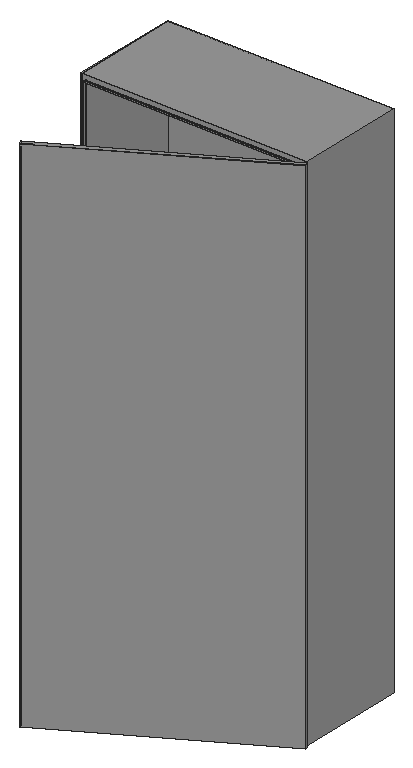
Revit family "Hager-Univers-IP41-D400-H1850-Cl.I-Steel_encl-NoHosted-PL-en", category Equipement électrique, Revit 2020
Family settings
  Configuration du panneau = Deux colonnes, circuits au sein
  Cote de connecteur circulaire = Utiliser le diamètre
  Type d'élément = Tableau de raccordement
  Basée sur le plan de construction = Oui
  Toujours verticalement = Oui
  Couper avec des vides une fois chargée = Non
  Partagée = Non
  Point de calcul de pièce = Non
Parameters (values of type "Surface mounted (plaster) IP41 W800 H1850 D400  - FS23G")
  Width Control [instance] = if([EF000008 - Width] > Min Width, [EF000008 - Width], Min Width)  # 800 mm
  Commentaires du type = [HG000003 - Range]  # "Univers"
  Thickness Door [instance] = if([EF009171 - Material plate thickness door/cover] > 3 mm, 3 mm, [EF009171 - Material plate thickness door/cover])  # 1.5 mm
  Seal Frame Offset [instance] = 17 mm  # constant formula
  Plinth Visibility [instance] = [HG000027 - Plinth height] > 0 mm  # no
  Min Width [instance] = 100 mm  # constant formula
  Min Depth [instance] = (2 * [EF009170 - Material plate thickness cabinet]) + 1 mm  # 4 mm
  Min Height [instance] = 100 mm  # constant formula
  Internal Frame Depth [instance] = (Door System Depth * 0.5)  # 9 mm
  Panel Name [instance] = ""  # (empty or 0)
  Model = ""
  HG000027 - Plinth height = 0 mm
  HG000026 - Floor standing = no
  HG000024 - Bottom section height = 600 mm
  HG000023 - Double section enclosure = no
  HG000016 - Door 3d visibility [instance] = yes
  HG000015 - Clearance visibility [instance] = no
  HG000014 - Door on the right [instance] = yes
  HG000013 - Door on the left [instance] = not([HG000014 - Door on the right])  # no
  HG000012 - Door swing angle [instance] = 30.00°
  HG000010 - Asymmetric doors = no
  HG000009 - Double swing door = no
  HG000006 - Flush mounted = no
  HG000004 - Manufacturer reference = "FS23G"
  HG000003 - Range = "Univers"
  HG000002 - With door or cover = yes
  Frame Offset Bottom [instance] = 10 mm  # constant formula
  Frame Offset [instance] = 15 mm  # constant formula
  EF015940 - Cover with overpressure release = no
  EF011959 - Degree of protection (NEMA) = ""
  EF009554 - Number of openings for flange plates = 6
  EF009212 - Cover model = "EV000116 - Closed"
  EF009171 - Material plate thickness door/cover = 1.5 mm
  EF009170 - Material plate thickness cabinet = 1.5 mm
  EF008873 - Nominal current (In) = 800 A
  EF007800 - Suitable for lightning protection = no
  EF006306 - With lock = no
  EF006244 - Transparent cover/door = no
  EF005474 - Degree of protection (IP) = "EV006416 - IP41"
  EF004464 - Type of door = "EV002646 - Single"
  EF004427 - Number of modules = 432
  EF004293 - Impact strength = "EV006813 - IK07"
  EF003532 - Suitable for outdoor use = no
  EF002950 - Width in number of modular spacings = 24
  EF001613 - Circuit integrity = "EV000494 - None"
  EF001596 - Material housing = "EV000179 - Steel"
  EF001131 - Internal depth = 400 mm
  EF001088 - Extension possible = yes
  EF000437 - Number of conduit inlets = 6
  EF000339 - Type of cover = "EV004216 - Door"
  EF000266 - Number of rows = 12
  EF000218 - Built-in depth = 0 mm
  EF000118 - With mounting plate = no
  EF000116 - RAL-number = "7035"
  EF000049 - Depth = 400 mm
  EF000040 - Height = 1850 mm
  EF000008 - Width = 800 mm
  EF000007 - Colour = "EV000270 - Grey"
  EF000003 - Mounting method = "EV000384 - Surface mounted (plaster)"
  Door System Leaf Tolerance [instance] = 1.5 mm  # constant formula
  Door System Depth [instance] = 18 mm  # constant formula
  Door Height [instance] = Height Control - [HG000027 - Plinth height]  # 1850 mm
  Description = ""
  Default Elevation = 1219.2 mm
  Connector Offset [instance] = Height Control / 2  # 925 mm
  Fabricant = "Hager"  # constant formula
  Height Control [instance] = if([EF000040 - Height] > Min Height, [EF000040 - Height], Min Height)  # 1850 mm
  Depth Control [instance] = if([EF000049 - Depth] > Min Depth, [EF000049 - Depth], Min Depth)  # 400 mm
  Bottom Top Plate Trim [instance] = 1.5 mm  # constant formula
  Plinth height Ctrl [instance] = if([HG000027 - Plinth height] > 0 mm, [HG000027 - Plinth height], 12 mm)  # 12 mm
Types (5, lengths in mm): name | Width Control | HG000009 - Double swing door | HG000004 - Manufacturer reference | EF009554 - Number of openings for flange plates | EF004464 - Type of door | EF004427 - Number of modules | EF000437 - Number of conduit inlets | EF000008 - Width
  Surface mounted (plaster) IP41 W1050 H1850 D400  - FS24G | 1050 | yes | "FS24G" | 8 | "EV003602 - Double" | 576 | 8 | 1050
  Surface mounted (plaster) IP41 W1300 H1850 D400  - FS25G | 1300 | yes | "FS25G" | 10 | "EV003602 - Double" | 720 | 10 | 1300
  Surface mounted (plaster) IP41 W300 H1850 D400  - FS21G | 300 | no | "FS21G" | 2 | "EV002646 - Single" | 144 | 2 | 300
  Surface mounted (plaster) IP41 W550 H1850 D400  - FS22G | 550 | no | "FS22G" | 4 | "EV002646 - Single" | 288 | 4 | 550
  Surface mounted (plaster) IP41 W800 H1850 D400  - FS23G | 800 | no | "FS23G" | 6 | "EV002646 - Single" | 432 | 6 | 800
Reference planes
  plane 1 "Center (Front/Back)": y = 0
  plane 2: z = 0
  plane 3 "Center (Left/Right)": x = 0
  plane 4: y = 0
  plane 5: y = 0
  plane 6: z = 0
  plane 7: x = -400
  plane 8: x = 400
  plane 9: x = 398.5
  plane 10: x = -398.5
  plane 11: z = 0
  plane 12: z = 1.5
  plane 13: y = -400
  plane 14: y = -1.5
  plane 15: x = 0
  plane 16: y = -382
  plane 17: y = -398.5
  plane 18: y = -380.5
  plane 19: x = -383.5
  plane 20: x = 383.5
  plane 21: z = 11.5
  plane 22: x = -383
  plane 23: x = 383
  plane 24: z = 0
  plane 25: z = 1850
  plane 26: z = 1850
  plane 27: z = 1833.5
  plane 28: z = 1848.5
Forms (mm)
  Extrusion 1, solid, material "Hager_Steel_RAL7035_Light_Grey", detail levels medium+fine
    sketch origin (-208.679, -4572, 0) x (-1, 0, 0) y (0, -1, 0)
      loop
        line (191.321, -4190) -> (-608.679, -4190) -> (-608.679, -4572) -> (191.321, -4572) -> (191.321, -4190)
    from 0 to 1850
  Extrusion 2, void
    sketch origin (-350.771, -400, 1219.2) x (1, 0, 0) y (0, 0, 1)
      loop
        line (-47.729, 629.3) -> (-47.729, -1217.7) -> (749.271, -1217.7) -> (749.271, 629.3) -> (-47.729, 629.3)
    from -19.5 to -398.5
  Extrusion 3, void
    sketch origin (-290.084, -382, 1219.2) x (1, 0, 0) y (0, 0, 1)
      loop
        line (-93.416, -1207.7) -> (673.584, -1207.7) -> (673.584, 614.3) -> (-93.416, 614.3) -> (-93.416, -1207.7)
    from 0 to -1.5
  Extrusion 4, solid, material "Hager_Steel_RAL7035_Light_Grey", visible <- "Plinth Visibility", detail levels medium+fine
    sketch origin (0, 0, 0) x (1, 0, 0) y (0, 1, 0)
      loop
        line (-400, 0) -> (-400, -382) -> (400, -382) -> (400, 0) -> (-400, 0)
    from 0 to 12 <- "Plinth height Ctrl"
  Extrusion 5, solid, material "Hager_Steel_RAL7035_Light_Grey", detail levels coarse
    sketch origin (0, 0, 0) x (1, 0, 0) y (0, 1, 0)
      loop
        line (-400, 0) -> (-400, -400) -> (400, -400) -> (400, 0) -> (-400, 0)
    from 0 to 1850 <- "Height Control"
  Sweep 6, void
    path in 3D
      loop
        line (-400, -382, 12) -> (400, -382, 12) -> (400, 0, 12) -> (-400, 0, 12) -> (-400, -382, 12)
    profile origin (-400, -191, 12) x (1, 0, 0) y (0, 0, 1)
      loop
        line (0, 0) -> (0, -1.5) -> (1.5, -1.5)
        arc (1.5, -1.5) -> (1.061, -0.439) -> (0, 0) r 1.5
  Extrusion 7, solid, material "Hager_Steel_RAL7035_Light_Grey", detail levels fine
    sketch origin (-400, -382, 0) x (1, 0, 0) y (0, 0, 1)
      loop
        line (16.5, 11.5) -> (783.5, 11.5) -> (783.5, 1833.5) -> (16.5, 1833.5) -> (16.5, 11.5)
      loop
        line (15, 10) -> (785, 10) -> (785, 1835) -> (15, 1835) -> (15, 10)
    from 0 to 9 <- "Internal Frame Depth"
Cuts and joins
  Extrusion 2, Extrusion 3 cuts Extrusion 1
  Sweep 6 cuts Extrusion 4
Lines and regions (mm)
  Masking region 1
    outline origin (0, 0, 0) x (1, 0, 0) y (0, 1, 0)
      loop
        line (-400, 0) -> (-400, -400) -> (400, -400) -> (400, 0) -> (-400, 0)
  Masking region 2, detail levels coarse
    outline origin (-290.084, -382, 1219.2) x (-1, 0, 0) y (0, 0, 1)
      loop
        line (-690.084, -1219.2) -> (109.916, -1219.2) -> (109.916, 630.8) -> (-690.084, 630.8) -> (-690.084, -1219.2)
  Masking region 3, detail levels coarse
    outline origin (0, 0, 0) x (0, 1, 0) y (0, 0, 1)
      loop
        line (0, 0) -> (0, 1850) -> (-400, 1850) -> (-400, 0) -> (0, 0)
  Masking region 4, visible <- "Plinth Visibility", detail levels medium+fine
    outline origin (0, 0, 0) x (0, 1, 0) y (0, 0, 1)
      loop
        line (-1.5, 12) -> (-380.5, 12)
        arc (-380.5, 12) -> (-380.939, 10.939) -> (-382, 10.5) r 1.5
        line (-382, 10.5) -> (-382, 0) -> (0, 0) -> (0, 10.5)
        arc (0, 10.5) -> (-1.061, 10.939) -> (-1.5, 12) r 1.5
  Masking region 5, detail levels medium+fine
    outline origin (0, 0, 594.038) x (0, 1, 0) y (0, 0, 1)
      loop
        line (0, -594.038) -> (0, 1255.962) -> (-382, 1255.962) -> (-382, -594.038) -> (0, -594.038)
  Masking region 6, detail levels medium+fine
    outline origin (-359.7, -382, 1211.883) x (-1, 0, 0) y (0, 0, 1)
      loop
        line (-759.7, -1211.883) -> (40.3, -1211.883) -> (40.3, 638.117) -> (-759.7, 638.117) -> (-759.7, -1211.883)
  Masking region 7, visible <- "Plinth Visibility", detail levels medium+fine
    outline origin (-320.334, -382, 1041.368) x (-1, 0, 0) y (0, 0, 1)
      loop
        line (-720.334, -1041.368) -> (79.666, -1041.368) -> (79.666, -1030.868)
        arc (79.666, -1030.868) -> (78.606, -1030.429) -> (78.166, -1029.368) r 1.5
        line (78.166, -1029.368) -> (-718.834, -1029.368)
        arc (-718.834, -1029.368) -> (-719.273, -1030.429) -> (-720.334, -1030.868) r 1.5
        line (-720.334, -1030.868) -> (-720.334, -1041.368)
  sketch lines
    curve 1: line (-400, 0, 12) -> (-400, -382, 12)
    curve 2: line (-400, -382, 12) -> (400, -382, 12)
    curve 3: line (400, 0, 12) -> (-400, 0, 12)
    curve 4: line (400, -382, 12) -> (400, 0, 12)
Dimensions and locks
  locked: plane 1 "Center (Front/Back)" to plane 5
  "EF009170 - Material plate thickness cabinet": plane 7 to plane 10
  "EF009170 - Material plate thickness cabinet": plane 8 to plane 9
  equal spacing: plane 7, plane 3 "Center (Left/Right)", plane 8
  "Width Control": plane 7 to plane 8
  "Depth Control": plane 4 to plane 13
  "EF009170 - Material plate thickness cabinet": plane 4 to plane 14
  "Height Control": plane 25 to level
  "HG000027 - Plinth height": plane 11 to level
  "EF009170 - Material plate thickness cabinet": plane 12 to plane 11
  "EF009170 - Material plate thickness cabinet": plane 17 to plane 13
  "EF009170 - Material plate thickness cabinet": plane 18 to plane 16
  "Frame Offset Bottom": plane 21 to plane 12
  "Frame Offset": plane 10 to plane 19
  "Frame Offset": plane 9 to plane 20
  "Door System Depth": plane 16 to plane 13
  "Seal Frame Offset": plane 7 to plane 22
  "Seal Frame Offset": plane 8 to plane 23
  "EF009170 - Material plate thickness cabinet": plane 26 to plane 28
  "Frame Offset": plane 28 to plane 27
  "Connector Offset": plane 2 to connector elem
  "Bottom Top Plate Trim": profile plane to Sweep 6 sketch curve
  "Bottom Top Plate Trim": Sweep 6 sketch curve to Sweep 6 sketch curve
  "Plinth height Ctrl": Masking region 4 sketch curve to level
  "Plinth height Ctrl": Masking region 7 sketch curve to level
  "Thickness Door": Extrusion 7 sketch curve to Extrusion 7 sketch curve  (x4)
  "Bottom Top Plate Trim": radius of Sweep 6 sketch curve
  "Bottom Top Plate Trim": radius of Masking region 4 sketch curve  (x2)
  "Bottom Top Plate Trim": radius of Masking region 7 sketch curve  (x2)
  aligned and locked: Extrusion 2 sketch curve to plane 12
  aligned and locked: Extrusion 2 sketch curve to plane 9
  aligned and locked: Extrusion 2 sketch curve to plane 10
  aligned and locked: Extrusion 2 to plane 14
  aligned and locked: Extrusion 1 sketch curve to plane 4
  aligned and locked: plane 8 to Extrusion 1 sketch curve
  aligned and locked: plane 7 to Extrusion 1 sketch curve
  aligned and locked: Extrusion 2 to plane 18
  aligned and locked: Extrusion 3 sketch curve to plane 19
  aligned and locked: plane 20 to Extrusion 3 sketch curve
  aligned and locked: Extrusion 3 to Extrusion 2
  aligned and locked: Extrusion 3 sketch curve to plane 21
  aligned and locked: plane 3 "Center (Left/Right)" to nested 1
  aligned and locked: Extrusion 1 sketch curve to plane 16
  aligned and locked: Extrusion 4 sketch curve to cut or joined group of Extrusion 1, Extrusion 2, Extrusion 3
  aligned and locked: Masking region 1 sketch curve to plane 7
  aligned and locked: Masking region 1 sketch curve to plane 5
  aligned and locked: Masking region 1 sketch curve to plane 8
  aligned and locked: Masking region 2 sketch curve to level
  aligned and locked: level to Masking region 3 sketch curve
  aligned and locked: plane 1 "Center (Front/Back)" to Masking region 3 sketch curve
  aligned and locked: plane 13 to Masking region 3 sketch curve
  aligned and locked: plane 5 to Masking region 4 sketch curve
  aligned and locked: Masking region 2 sketch curve to plane 8
  aligned and locked: Masking region 2 sketch curve to plane 7
  aligned and locked: plane 7 to nested 2
  aligned and locked: nested 2 to plane 5
  aligned and locked: plane 5 to Masking region 5 sketch curve
  aligned and locked: plane 26 to Masking region 5 sketch curve
  aligned and locked: Extrusion 5 sketch curve to plane 8
  aligned and locked: Extrusion 5 sketch curve to plane 7
  aligned and locked: Extrusion 5 sketch curve to plane 5
  aligned and locked: Extrusion 3 sketch curve to plane 27
  aligned and locked: Extrusion 2 sketch curve to plane 28
  aligned and locked: Masking region 2 to plane 25
  aligned and locked: Extrusion 4 to plane 16
  aligned and locked: profile plane to Sweep 6 sketch curve
  aligned and locked: Masking region 5 sketch curve to plane 24
  aligned and locked: level to Masking region 4 sketch curve
  aligned and locked: Masking region 1 to plane 13
  aligned and locked: nested 1 to plane 16
  aligned and locked: Masking region 3 to plane 25
  aligned and locked: plane 16 to Masking region 4 sketch curve
  aligned and locked: Masking region 5 sketch curve to plane 16
  aligned and locked: plane 24 to plane 11
  aligned and locked: plane 26 to plane 25
  aligned and locked: plane 26 to cut or joined group of Extrusion 1, Extrusion 2, Extrusion 3
  aligned and locked: nested 1 to plane 24
  aligned and locked: Extrusion 1 to Extrusion 3
  aligned and locked: Masking region 6 sketch curve to plane 8
  aligned and locked: Masking region 6 sketch curve to plane 24
  aligned and locked: Masking region 6 sketch curve to plane 7
  aligned and locked: Masking region 6 sketch curve to plane 26
  aligned and locked: Masking region 7 sketch curve to plane 7
  aligned and locked: level to Masking region 7 sketch curve
  aligned and locked: Masking region 7 sketch curve to plane 8
  aligned and locked: Extrusion 7 sketch curve to cut or joined group of Extrusion 1, Extrusion 2, Extrusion 3  (x4)
Automatic sketch dimensions
  plane 19 to Extrusion 3 sketch curve = 0 mm
  Extrusion 3 sketch curve to plane 20 = 0 mm
  Extrusion 3 sketch curve to plane 21 = 0 mm
  Extrusion 4 sketch curve to plane 7 = 0 mm
  Extrusion 4 sketch curve to plane 8 = 0 mm
  Extrusion 4 sketch curve to plane 16 = 0 mm
  Masking region 1 sketch curve to plane 13 = 0 mm
  Masking region 2 sketch curve to plane 25 = 0 mm
  Masking region 3 sketch curve to plane 25 = 0 mm
  Extrusion 5 sketch curve to plane 13 = 0 mm
  profile plane to Sweep 6 sketch curve = 0 mm
Nested families
  nested 1: "EC000058_Univers_Door" at (0, -382, 0), Double <- "HG000009 - Double swing door", Transparent <- "EF006244 - Transparent cover/door", Angle <- "HG000012 - Door swing angle", Door_Right <- "HG000014 - Door on the right", Assymetrical <- "HG000010 - Asymmetric doors", Door <- "HG000002 - With door or cover", Width_Ctrl <- "Width Control", 3d_Door <- "HG000016 - Door 3d visibility", Clearance <- "HG000015 - Clearance visibility", Door_Left <- "HG000013 - Door on the left", Width <- "Width Control", Door_Depth <- "Door System Depth", Leaf_Tolerance <- "Door System Leaf Tolerance", Height <- "Door Height", Lock_Visibility <- "EF006306 - With lock", Thickness <- "Thickness Door", type "EC000058_Univers_Door", detail levels medium+fine
    with min_wh 4 mm, Width_Ctrl 800 mm, Width 800 mm, Transparent no, Thickness 1.5 mm, Seal_Material Hager_Rubber, Lock_Visibility no, Lock_Material Hager_Plastic_RAL9005_Jet_Black, Leaf_Width 800 mm, Leaf_Tolerance_External_Sides 0 mm, Leaf_Tolerance 1.5 mm, Leaf_Offset 0 mm, Leaf_Height 1847 mm, Leaf_2_Width 800 mm, Leaf_2_Offset 400 mm, Leaf_1_Width 800 mm, Leaf_1_Offset 400 mm, Height_Ctrl 1850 mm, Height 1850 mm, Glass_Material Hager_Glass, Double_Clearance_Ctrl no, Double no, Door_Right_Ctrl yes, Door_Right yes, Door_Material Hager_Steel_RAL7035_Light_Grey, Door_Left_Ctrl no, Door_Left no, Door_Depth 18 mm, Door yes, Clearance_Material Hager_Clearance, Clearance_Depth 800 mm, Clearance_Ctrl no, Clearance no, Assymetrical no, Angle 30.00°, 3d_Door yes
  nested 2: "Hager_Enclosure_Symbol" at (-400, 0, 0), Height <- "Depth Control", Width <- "Width Control", type "Hager_Enclosure_Symbol"
    with Width_Ctrl 800 mm, Width 800 mm, Height_Ctrl 400 mm, Height 400 mm, A_Width_Int 26.25 mm, A_Width 315 mm, A_Height_Ctrl 350 mm, A_Height 350 mm
Connectors
  electrical at (0, 0, 925)
    settings: on plane 1 "Center (Front/Back)", index 1, voltage 0 V, apparent load 0 VA, apparent load phase1 0 VA, apparent load phase2 0 VA, apparent load phase3 0 VA, power factor 1, load classification "Other", number of poles 1, system type 30, power factor state 1, is connector primary yes, connector utility no, sub classification motor no, connector description ""
Definition of nested family "EC000058_Univers_Door"
  Parameters (values of type "EC000058_Univers_Door")
    min_wh [instance] = (2 * Thickness) + 1 mm  # 11 mm
    Width_Ctrl [instance] = 400 mm
    Width [instance] = 500 mm
    Transparent [instance] = yes
    Thickness [instance] = 5 mm
    Seal_Material [instance] = none
    Lock_Visibility [instance] = yes
    Lock_Material [instance] = none
    Leaf_Width [instance] = if((Width_Ctrl - 2 * Leaf_Tolerance_External_Sides) > 0 mm, (Width_Ctrl - 2 * Leaf_Tolerance_External_Sides), min_wh)  # 400 mm
    Leaf_Tolerance_External_Sides [instance] = 0 mm  # constant formula
    Leaf_Tolerance [instance] = 1.5 mm
    Leaf_Offset [instance] = 0 mm  # constant formula
    Leaf_Height [instance] = if((Height_Ctrl - 2 * Leaf_Tolerance) > 0 mm, (Height_Ctrl - 2 * Leaf_Tolerance), min_wh)  # 497 mm
    Leaf_2_Width [instance] = if(and(and(Double, Assymetrical), Door_Left), (Leaf_Width / 3) - (Leaf_Tolerance / 2), if(and(and(Double, Assymetrical), Door_Right), (Leaf_Width / 3) * 2 - (Leaf_Tolerance / 2), if(and(Double, not(Assymetrical)), (Leaf_Width / 2) - Leaf_Tolerance, Leaf_Width)))  # 400 mm
    Leaf_2_Offset [instance] = if(and(Double, Assymetrical), Leaf_2_Width / 2, if(and(Double, not(Assymetrical)), Leaf_Width / 4, Leaf_Width / 2))  # 200 mm
    Leaf_1_Width [instance] = if(and(and(Double, Assymetrical), Door_Right), (Leaf_Width / 3) - (Leaf_Tolerance / 2), if(and(and(Double, Assymetrical), Door_Left), (Width / 3) * 2 - (Leaf_Tolerance / 2), if(and(Double, not(Assymetrical)), (Leaf_Width / 2) - Leaf_Tolerance, Leaf_Width)))  # 400 mm
    Leaf_1_Offset [instance] = if(and(Double, Assymetrical), Leaf_1_Width / 2, if(and(Double, not(Assymetrical)), Leaf_Width / 4, Leaf_Width / 2))  # 200 mm
    Height_Ctrl [instance] = if(Height > min_wh, Height, min_wh)  # 500 mm
    Height [instance] = 500 mm
    Glass_Material [instance] = none
    Double_Clearance_Ctrl [instance] = and(Double, Clearance)  # no
    Double [instance] = no
    Door_Right_Ctrl [instance] = and(or(Door_Right, Double), Door)  # yes
    Door_Right [instance] = yes
    Door_Material [instance] = none
    Door_Left_Ctrl [instance] = and(or(Door_Left, Double), Door)  # no
    Door_Left [instance] = no
    Door_Depth [instance] = 30 mm
    Door [instance] = yes
    Default Elevation = 1219.2 mm
    Clearance_Material [instance] = none
    Clearance_Depth [instance] = if(Leaf_1_Width > Leaf_2_Width, Leaf_1_Width, Leaf_2_Width)  # 400 mm
    Clearance_Ctrl [instance] = and(not(Double), Clearance)  # yes
    Clearance [instance] = yes
    Assymetrical [instance] = yes
    Angle [instance] = 30.00°
    3d_Door [instance] = yes
  Reference planes
    plane 1 "Center (Front/Back)": y = 0
    plane 2 "Bottom": z = 0
    plane 3 "Center (Left/Right)": x = 0
    plane 4: z = 500
    plane 5: x = -200
    plane 6: x = 200
    plane 7: z = 500
    plane 8: x = -200
    plane 9: z = 0
    plane 10: x = 200
    plane 11: y = 0
    plane 12: z = 1.5
    plane 13: x = -600
    plane 14: y = -400
    plane 15: x = 600
    plane 16: x = 0
    plane 17: x = 0
    plane 18: x = -200
    plane 19: x = 200
    plane 20: z = 498.5
  Forms (mm)
    Extrusion 1, solid, material <- "Clearance_Material", visible <- "Double_Clearance_Ctrl"
      sketch origin (1200, 0, 0) x (1, 0, 0) y (0, 0, -1)
        loop
          line (-1800, -498.5) -> (-600, -498.5) -> (-600, 0) -> (-1800, 0) -> (-1800, -498.5)
      from 0 to -400
  Dimensions and locks
    equal spacing: plane 5, plane 3 "Center (Left/Right)", plane 6
    "Width_Ctrl": plane 5 to plane 6
    "Leaf_Offset": plane 5 to plane 8
    "Leaf_Offset": plane 6 to plane 10
    "Leaf_Offset": plane 9 to level
    "Leaf_Offset": plane 4 to plane 7
    "Height_Ctrl": plane 4 to level
    "Leaf_Tolerance": plane 12 to plane 9
    locked: plane 11 to plane 1 "Center (Front/Back)"
    "Leaf_1_Offset": plane 18 to plane 16
    "Leaf_2_Offset": plane 17 to plane 19
    "Leaf_1_Width": plane 13 to plane 8
    "Leaf_2_Width": plane 10 to plane 15
    "Clearance_Depth": plane 14 to plane 1 "Center (Front/Back)"
    "Leaf_Tolerance_External_Sides": plane 8 to plane 18
    "Leaf_Tolerance_External_Sides": plane 19 to plane 10
    "Leaf_Tolerance": plane 7 to plane 20
    aligned and locked: level to plane 2 "Bottom"
    aligned and locked: nested 1 to plane 16
    aligned and locked: nested 2 to plane 17
    aligned and locked: Extrusion 1 to plane 13
    aligned and locked: plane 15 to Extrusion 1
    aligned and locked: Extrusion 1 to plane 14
    aligned and locked: plane 12 to nested 1
    aligned and locked: nested 2 to plane 12
    aligned and locked: Extrusion 1 to plane 11
    aligned and locked: plane 20 to Extrusion 1
    aligned and locked: nested 2 to plane 11
    aligned and locked: nested 1 to plane 11
  Automatic sketch dimensions
    Extrusion 1 sketch curve to level = 0 mm
    plane 5 to Extrusion 1 sketch curve = 400 mm
    plane 6 to Extrusion 1 sketch curve = 400 mm
    Extrusion 1 sketch curve to plane 4 = 1.5 mm
  Nested families
    nested 1: "EC000058_Univers_Door_Leaf" at (0, 0, 1.5), Width <- "Leaf_1_Width", visible <- "Door_Left_Ctrl", Leaf_Height <- "Leaf_Height", Angle <- "Angle", 3d_Door <- "3d_Door", Transparent <- "Transparent", Clearance Material <- "Clearance_Material", Clearance <- "Clearance_Ctrl", Door_Material <- "Door_Material", Glass_Material <- "Glass_Material", Door_Depth <- "Door_Depth", Lock_Material <- "Lock_Material", Seal_Material <- "Seal_Material", Lock_Visibility <- "Lock_Visibility", Thickness <- "Thickness", type "EC000058_Univers_Door_Leaf"
      with Width 400 mm, Transparent_Glass_Offset 30 mm, Transparent_Ctrl yes, Transparent yes, Thickness 5 mm, Standard no, Seal_Material none, Seal_D2 8 mm, Seal_D1 1 mm, Offset_Internal_Frame 10 mm, Lock_Width 20 mm, Lock_Visibility_3d yes, Lock_Visibility yes, Lock_Thickness_3 3 mm, Lock_Thickness_2 1 mm, Lock_Thickness_1 3 mm, Lock_Radius_Offset_2 16 mm, Lock_Radius_Offset_1 15 mm, Lock_Radius_2 5 mm, Lock_Radius 6 mm, Lock_Offset 5 mm, Lock_Material none, Lock_Height 80 mm, Lock_Cover_Top_Offset_2d 17 mm, Lock_Cover_Height -65 mm, Leaf_Height 497 mm, Internal_Seal_Thickness 8 mm, Internal_Seal_Depth_2 4.5 mm, Internal_Frame_Depth 25 mm, Glass_Thickness -1 mm, Glass_Offset -2 mm, Glass_Material none, Door_Material none, Door_Depth 30 mm, Clearance Material none, Clearance yes, Angle_Ctrl 30.00°, Angle 30.00°, 3d_Door yes
    nested 2: "EC000058_Univers_Door_Leaf" at (0, 0, 1.5) x (-1, 0, 0) z (0, 0, 1), Width <- "Leaf_2_Width", visible <- "Door_Right_Ctrl", Leaf_Height <- "Leaf_Height", Angle <- "Angle", 3d_Door <- "3d_Door", Transparent <- "Transparent", Clearance Material <- "Clearance_Material", Clearance <- "Clearance_Ctrl", Door_Material <- "Door_Material", Glass_Material <- "Glass_Material", Door_Depth <- "Door_Depth", Lock_Material <- "Lock_Material", Seal_Material <- "Seal_Material", Lock_Visibility <- "Lock_Visibility", Thickness <- "Thickness", type "EC000058_Univers_Door_Leaf"
      with Width 400 mm, Transparent_Glass_Offset 30 mm, Transparent_Ctrl yes, Transparent yes, Thickness 5 mm, Standard no, Seal_Material none, Seal_D2 8 mm, Seal_D1 1 mm, Offset_Internal_Frame 10 mm, Lock_Width 20 mm, Lock_Visibility_3d yes, Lock_Visibility yes, Lock_Thickness_3 3 mm, Lock_Thickness_2 1 mm, Lock_Thickness_1 3 mm, Lock_Radius_Offset_2 16 mm, Lock_Radius_Offset_1 15 mm, Lock_Radius_2 5 mm, Lock_Radius 6 mm, Lock_Offset 5 mm, Lock_Material none, Lock_Height 80 mm, Lock_Cover_Top_Offset_2d 17 mm, Lock_Cover_Height -65 mm, Leaf_Height 497 mm, Internal_Seal_Thickness 8 mm, Internal_Seal_Depth_2 4.5 mm, Internal_Frame_Depth 25 mm, Glass_Thickness -1 mm, Glass_Offset -2 mm, Glass_Material none, Door_Material none, Door_Depth 30 mm, Clearance Material none, Clearance yes, Angle_Ctrl 30.00°, Angle 30.00°, 3d_Door yes
  Definition of nested family "EC000058_Univers_Door_Leaf"
    Parameters (values of type "EC000058_Univers_Door_Leaf")
      Width [instance] = 2000 mm
      Transparent_Glass_Offset [instance] = 30 mm
      Transparent_Ctrl [instance] = and(Transparent, [3d_Door])  # yes
      Transparent [instance] = yes
      Thickness [instance] = 5 mm
      Standard [instance] = and(not(Transparent), [3d_Door])  # no
      Seal_Material [instance] = none
      Seal_D2 [instance] = 8 mm  # constant formula
      Seal_D1 [instance] = 1 mm  # constant formula
      Offset_Internal_Frame [instance] = 10 mm  # constant formula
      Lock_Width [instance] = 20 mm  # constant formula
      Lock_Visibility_3d [instance] = and(Lock_Visibility, [3d_Door])  # yes
      Lock_Visibility [instance] = yes
      Lock_Thickness_3 [instance] = 3 mm  # constant formula
      Lock_Thickness_2 [instance] = 1 mm  # constant formula
      Lock_Thickness_1 [instance] = 3 mm  # constant formula
      Lock_Radius_Offset_2 [instance] = Lock_Radius_Offset_1 + 1 mm  # 16 mm
      Lock_Radius_Offset_1 [instance] = 15 mm  # constant formula
      Lock_Radius_2 [instance] = Lock_Radius - 1 mm  # 5 mm
      Lock_Radius [instance] = 6 mm  # constant formula
      Lock_Offset [instance] = 5 mm  # constant formula
      Lock_Material [instance] = none
      Lock_Height [instance] = 80 mm  # constant formula
      Lock_Cover_Top_Offset_2d [instance] = Lock_Radius_Offset_2 + 1 mm  # 17 mm
      Lock_Cover_Height [instance] = -(Lock_Height - Lock_Radius_Offset_1)  # -65 mm
      Leaf_Height [instance] = 2720.336 mm
      Internal_Seal_Thickness [instance] = 8 mm  # constant formula
      Internal_Seal_Depth_2 [instance] = 4.5 mm  # constant formula
      Internal_Frame_Depth [instance] = if(Door_Depth - Thickness > 5 mm, Door_Depth - Thickness, 5 mm)  # 25 mm
      Glass_Thickness [instance] = if(Thickness > 15 mm, Glass_Offset + 10 mm, -1 mm)  # -1 mm
      Glass_Offset [instance] = if(Thickness > 15 mm, -(Thickness + 10 mm) / 2, -2 mm)  # -2 mm
      Glass_Material [instance] = none
      Door_Material [instance] = none
      Door_Depth [instance] = 30 mm
      Default Elevation = 0 mm
      Clearance Material [instance] = none
      Clearance [instance] = yes
      Angle_Ctrl [instance] = if(Angle > 180.00°, 180.00°, Angle)  # 90.00°
      Angle [instance] = 90.00°
      3d_Door [instance] = yes
    Reference planes
      plane 1 "Center (Front/Back)": y = 0
      plane 2: z = 0
      plane 3 "Center (Left/Right)": x = 0
      plane 4: y = 2000
      plane 5: x = -1000
      plane 6: x = 1000
      plane 7: x = -3000
      plane 8: z = 2720.336
      plane 9: z = 30
      plane 10: z = 2690.336
      plane 11: x = 970
      plane 12: x = -970
      plane 13: y = -3
      plane 14: z = 107.833
      plane 15: y = -5
      plane 16: y = -223.314
      plane 17: x = -1000
      plane 18: z = 1360.168
      plane 19: y = 30
    Forms (mm)
      Extrusion 1, solid, material <- "Clearance Material", visible <- "Clearance"
        sketch origin (0, 0, 0) x (1, 0, 0) y (0, 0, 1)
          loop
            line (-3000, 2720.336) -> (-3000, 0) -> (1000, 0) -> (1000, 2720.336) -> (-3000, 2720.336)
        from 0 to -2000
      Extrusion 2, solid, material <- "Door_Material", visible <- "Standard", detail levels medium+fine
        sketch origin (-1000, 0, 0) x (0, 1, 0) y (-1, 0, 0)
          loop
            line (0, 30) -> (0, 25) -> (2000, 25) -> (2000, 30) -> (0, 30)
        from 0 to 2720.336 <- "Leaf_Height"
      Extrusion 3, solid, material <- "Door_Material", visible <- "Transparent_Ctrl", detail levels medium+fine
        sketch origin (-1000, 0, 0) x (0, 1, 0) y (-1, 0, 0)
          loop
            line (0, 25) -> (2000, 25) -> (2000, 30) -> (0, 30) -> (0, 25)
        from 0 to 2720.336 <- "Leaf_Height"
      Extrusion 4, void
        sketch origin (-1025, 2000, 0) x (0, 1, 0) y (0, 0, -1)
          loop
            line (-30, -2690.336) -> (-30, -30) -> (-1970, -30) -> (-1970, -2690.336) -> (-30, -2690.336)
        from 0 to 5 <- "Thickness"
      Sweep 5, solid, material <- "Seal_Material", visible <- "Transparent_Ctrl", detail levels fine
        path in 3D
          loop
            line (-1025, 30, 30) -> (-1025, 30, 2690.336) -> (-1025, 1970, 2690.336) -> (-1025, 1970, 30) -> (-1025, 30, 30)
        profile origin (-1025, 1000, 30) x (1, 0, 0) y (0, 0, 1)
          loop
            line (0, 0) -> (0, -8) -> (1, -8) -> (1, 0) -> (0, 0)
      Extrusion 6, solid, material <- "Glass_Material", visible <- "Transparent_Ctrl", detail levels medium+fine
        sketch origin (-1030, 0, 0) x (0, 1, 0) y (0, 0, -1)
          loop
            line (1970, -2690.336) -> (1970, -30) -> (30, -30) -> (30, -2690.336) -> (1970, -2690.336)
        from -2 <- "Glass_Offset" to -1 <- "Glass_Thickness"
      Extrusion 7, solid, material <- "Door_Material", visible <- "3d_Door", detail levels medium+fine
        sketch origin (-1025, 2000, 0) x (0, -1, 0) y (0, 0, -1)
          loop
            line (0, -2720.336) -> (2000, -2720.336) -> (2000, 0) -> (0, 0) -> (0, -2720.336)
          loop
            line (1995, -5) -> (5, -5) -> (5, -2715.336) -> (1995, -2715.336) -> (1995, -5)
        from 0 to 25 <- "Internal_Frame_Depth"
      Sweep 8, solid, material <- "Seal_Material", visible <- "Transparent_Ctrl", detail levels fine
        path in 3D
          loop
            line (-1025, 0, 0) -> (-1025, 2000, 0) -> (-1025, 2000, 2720.336) -> (-1025, 0, 2720.336) -> (-1025, 0, 0)
        profile origin (-1025, 0, 1360.168) x (1, 0, 0) y (0, 1, 0)
          loop
            line (0, 10) -> (2.975, 10)
            arc (2.975, 10) -> (4.053, 10.447) -> (4.5, 11.525) r 1.525
            line (4.5, 11.525) -> (4.5, 16.527)
            arc (4.5, 16.527) -> (4.069, 17.569) -> (3.027, 18) r 1.473
            line (3.027, 18) -> (0, 18) -> (0, 10)
      Extrusion 9, solid, material <- "Lock_Material", visible <- "Lock_Visibility_3d", detail levels fine
        sketch origin (-1030, 0, 0) x (0, 1, 0) y (0, 0, -1)
          loop
            arc (1993.5, -1400.168) -> (1994.561, -1399.729) -> (1995, -1398.668) r 1.5
            line (1995, -1398.668) -> (1995, -1320.168) -> (1975, -1320.168) -> (1975, -1398.668)
            arc (1975, -1398.668) -> (1975.439, -1399.729) -> (1976.5, -1400.168) r 1.5
            line (1976.5, -1400.168) -> (1993.5, -1400.168)
        from 3 <- "Lock_Thickness_1" to 0
      Blend 10, solid, material <- "Lock_Material", visible <- "Lock_Visibility_3d", detail levels fine
        base sketch origin (-1033, 0, 0) x (0, 1, 0) y (0, 0, -1)
          loop
            line (1975, -1320.168) -> (1975, -1398.668)
            arc (1975, -1398.668) -> (1975.439, -1399.729) -> (1976.5, -1400.168) r 1.5
            line (1976.5, -1400.168) -> (1993.5, -1400.168)
            arc (1993.5, -1400.168) -> (1994.561, -1399.729) -> (1995, -1398.668) r 1.5
            line (1995, -1398.668) -> (1995, -1320.168) -> (1975, -1320.168)
        top sketch origin (-1033, 0, 0) x (0, 1, 0) y (0, 0, -1)
          loop
            line (1976, -1320.168) -> (1976, -1398.668)
            arc (1976, -1398.668) -> (1976.146, -1399.022) -> (1976.5, -1399.168) r 0.5
            line (1976.5, -1399.168) -> (1993.5, -1399.168)
            arc (1993.5, -1399.168) -> (1993.854, -1399.022) -> (1994, -1398.668) r 0.5
            line (1994, -1398.668) -> (1994, -1320.168) -> (1976, -1320.168)
        from 0 to 1 <- "Lock_Thickness_2"
      Blend 11, solid, material <- "Lock_Material", visible <- "Lock_Visibility_3d", detail levels fine
        base sketch origin (-1034, 0, 0) x (0, 1, 0) y (0, 0, -1)
          loop
            line (1978, -1320.168) -> (1978, -1384.168)
            arc (1978, -1384.168) -> (1985, -1391.168) -> (1992, -1384.168) r 7
            line (1992, -1384.168) -> (1992, -1320.168) -> (1978, -1320.168)
        top sketch origin (-1034, 0, 0) x (0, 1, 0) y (0, 0, -1)
          loop
            line (1991, -1320.168) -> (1979, -1320.168) -> (1979, -1383.168)
            arc (1979, -1383.168) -> (1985, -1389.168) -> (1991, -1383.168) r 6
            line (1991, -1383.168) -> (1991, -1320.168)
        from 0 to 3 <- "Lock_Thickness_3"
      Extrusion 12, solid, material <- "Lock_Material", visible <- "Lock_Visibility_3d", detail levels fine
        sketch origin (-1030, 1975, 1320.168) x (1, 0, 0) y (0, -1, 0)
          loop
            line (-7, -19) -> (-7, -1) -> (0, -1) -> (0, 0) -> (-8, 0) -> (-8, -20) -> (0, -20) -> (0, -19) -> (-7, -19)
        from 0 to -65 <- "Lock_Cover_Height"
      Extrusion 13, void
        sketch origin (-1038, 1995, 1320.168) x (-1, 0, 0) y (0, 0, -1)
          loop
            line (-5, -65) -> (0, -65) -> (-5, -60) -> (-5, -65)
        from 0 to 20 <- "Lock_Width"
      Extrusion 14, void
        sketch origin (-1038, 1975, 1320.168) x (0, -1, 0) y (0, 0, -1)
          loop
            circle (-10, -15.995) r 6
          loop
            circle (-10, -15.995) r 5
        from 0 to 2
      Extrusion 15, solid, material <- "Lock_Material", visible <- "Lock_Visibility_3d", detail levels medium
        sketch origin (-1030, 0, 0) x (0, 1, 0) y (0, 0, -1)
          loop
            arc (1993.5, -1400.168) -> (1994.561, -1399.729) -> (1995, -1398.668) r 1.5
            line (1995, -1398.668) -> (1995, -1320.168) -> (1975, -1320.168) -> (1975, -1398.668)
            arc (1975, -1398.668) -> (1975.439, -1399.729) -> (1976.5, -1400.168) r 1.5
            line (1976.5, -1400.168) -> (1993.5, -1400.168)
        from 8 to 0
    Cuts and joins
      Extrusion 4 cuts Extrusion 3
      Extrusion 13, Extrusion 14 cuts Extrusion 9
      Extrusion 14 cuts Blend 11
      Extrusion 13, Extrusion 14 cuts Extrusion 12
      joined: Extrusion 9, Blend 10, Blend 11, Extrusion 12
      Extrusion 14 cuts Extrusion 15
    Lines and regions (mm)
      Masking region 1, visible <- "Lock_Visibility", detail levels fine
        outline origin (0, 0, 0) x (0, 1, 0) y (0, 0, 1)
          loop
            line (30, 1320.168) -> (33, 1320.168) -> (33, 1400.168) -> (30, 1400.168) -> (30, 1320.168)
      Masking region 2, visible <- "Lock_Visibility", detail levels fine
        outline origin (0, 3.143, 0) x (0, 1, 0) y (0, 0, 1)
          loop
            line (29.857, 1354.168) -> (30.857, 1354.168) -> (30.857, 1366.168) -> (29.857, 1366.168) -> (29.857, 1354.168)
      Masking region 3, detail levels medium+fine
        outline origin (0, 0, 0) x (0, 1, 0) y (0, 0, 1)
          loop
            line (0, 0) -> (30, 0) -> (30, 2720.336) -> (0, 2720.336) -> (0, 0)
      Masking region 4, detail levels medium+fine
        outline origin (0, 0, 0) x (1, 0, 0) y (0, 0, 1)
          loop
            line (-1000, 2720.336) -> (-1000, 0) -> (1000, 0) -> (1000, 2720.336) -> (-1000, 2720.336)
      Masking region 5, visible <- "Lock_Visibility", detail levels fine
        outline origin (-47.116, 0, 0) x (1, 0, 0) y (0, 0, 1)
          loop
            arc (1024.616, 1399.168) -> (1023.556, 1398.729) -> (1023.116, 1397.668) r 1.5
            line (1023.116, 1397.668) -> (1023.116, 1320.168) -> (1041.116, 1320.168) -> (1041.116, 1397.668)
            arc (1041.116, 1397.668) -> (1040.677, 1398.729) -> (1039.616, 1399.168) r 1.5
            line (1039.616, 1399.168) -> (1024.616, 1399.168)
      Masking region 6, visible <- "Lock_Visibility", detail levels medium+fine
        outline origin (-25, 0, 0) x (1, 0, 0) y (0, 0, 1)
          loop
            arc (1001.5, 1400.168) -> (1000.439, 1399.729) -> (1000, 1398.668) r 1.5
            line (1000, 1398.668) -> (1000, 1320.168) -> (1020, 1320.168) -> (1020, 1398.668)
            arc (1020, 1398.668) -> (1019.561, 1399.729) -> (1018.5, 1400.168) r 1.5
            line (1018.5, 1400.168) -> (1001.5, 1400.168)
      Masking region 7, visible <- "Lock_Visibility", detail levels fine
        outline origin (-73.735, 0, 0) x (1, 0, 0) y (0, 0, 1)
          loop
            line (1051.735, 1382.168) -> (1065.735, 1382.168) -> (1065.735, 1384.168)
            arc (1065.735, 1384.168) -> (1058.735, 1391.168) -> (1051.735, 1384.168) r 7
            line (1051.735, 1384.168) -> (1051.735, 1382.168)
      Masking region 8, visible <- "Lock_Visibility", detail levels fine
        outline origin (-73.735, 0, 0) x (1, 0, 0) y (0, 0, 1)
          loop
            line (1052.735, 1382.168) -> (1064.735, 1382.168) -> (1064.735, 1383.168)
            arc (1064.735, 1383.168) -> (1058.735, 1389.168) -> (1052.735, 1383.168) r 6
            line (1052.735, 1383.168) -> (1052.735, 1382.168)
      Masking region 9, visible <- "Lock_Visibility", detail levels fine
        outline origin (-25, 0, 0) x (1, 0, 0) y (0, 0, 1)
          loop
            line (1020, 1320.168) -> (1020, 1382.168) -> (1000, 1382.168) -> (1000, 1320.168) -> (1020, 1320.168)
      Masking region 10, detail levels medium+fine
        outline origin (0, 0, 0) x (1, 0, 0) y (0, 0, 1)
          loop
            circle (985, 1335.144) r 6
      Masking region 11, detail levels fine
        outline origin (0, 0, 0) x (1, 0, 0) y (0, 0, 1)
          loop
            circle (985, 1335.144) r 5
      Masking region 12, visible <- "Lock_Visibility", detail levels fine
        outline origin (0, 12.767, 0) x (0, 1, 0) y (0, 0, 1)
          loop
            line (20.233, 1320.168) -> (21.233, 1320.168) -> (21.233, 1399.168) -> (20.233, 1400.168) -> (20.233, 1320.168)
      Masking region 13, visible <- "Lock_Visibility", detail levels fine
        outline origin (0, 13.767, -10) x (0, 1, 0) y (0, 0, 1)
          loop
            line (20.233, 1330.168) -> (23.233, 1330.168) -> (23.233, 1399.168) -> (20.233, 1402.168) -> (20.233, 1330.168)
      Masking region 14, visible <- "Lock_Visibility", detail levels fine
        outline origin (0, 12.767, -10) x (0, 1, 0) y (0, 0, 1)
          loop
            line (20.233, 1330.168) -> (25.233, 1330.168) -> (25.233, 1399.305) -> (20.233, 1394.305) -> (20.233, 1330.168)
      Masking region 15, visible <- "Lock_Visibility", detail levels medium
        outline origin (0, 0, 0) x (0, 1, 0) y (0, 0, 1)
          loop
            line (30, 1320.168) -> (38, 1320.168) -> (38, 1400.168) -> (30, 1400.168) -> (30, 1320.168)
      Masking region 16, visible <- "Lock_Visibility", detail levels fine
        outline origin (-1000, 0, 0) x (0, 1, 0) y (-1, 0, 0)
          loop
            line (1975, 30) -> (1995, 30) -> (1995, 38) -> (1975, 38) -> (1975, 30)
          loop
            line (1979, 37) -> (1976, 37) -> (1976, 34) -> (1978, 34) -> (1979, 37)
          loop
            line (1994, 37) -> (1991, 37) -> (1992, 34) -> (1994, 34) -> (1994, 37)
      Masking region 17, visible <- "Lock_Visibility", detail levels medium
        outline origin (-1000, 0, 0) x (0, 1, 0) y (-1, 0, 0)
          loop
            line (1975, 30) -> (1995, 30) -> (1995, 38) -> (1975, 38) -> (1975, 30)
      symbolic lines
        curve 1: line (1000, 0, 0) -> (-3000, 0, 0)
        curve 2: arc (1000, 0, 0) -> (-1000, 2000, 0) -> (-3000, 0, 0) r 2000
        curve 4: line (-1030, 0, 0) -> (-1030, 2000, 0)
      reference lines
        curve 3: line (-1000, 0, 0) -> (-1000, 2000, 0)
      symbolic lines, detail levels medium+fine
        curve 5: line (-1030, 2000, 0) -> (-1025, 2000, 0)
        curve 7: line (-1025, 0, 0) -> (-1030, 0, 0)
        curve 8: line (-1025, 0, 0) -> (-1000, 0, 0)
        curve 9: line (-1000, 0, 0) -> (-1000, 2000, 0)
        curve 10: line (-1000, 2000, 0) -> (-1025, 2000, 0)
      symbolic lines, detail levels fine
        curve 6: line (-1025, 2000, 0) -> (-1025, 0, 0)
      sketch lines
        curve 11: line (-1025, 0, 2720.336) -> (-1025, 0, 0)
        curve 12: line (-1025, 2000, 0) -> (-1025, 0, 0)
        curve 13: line (-1025, 2000, 2720.336) -> (-1025, 2000, 0)
        curve 14: line (-1025, 0, 2720.336) -> (-1025, 2000, 2720.336)
        curve 15: line (-1025, 1970, 30) -> (-1025, 30, 30)
        curve 16: line (-1025, 30, 30) -> (-1025, 30, 2690.336)
        curve 17: line (-1025, 1970, 2690.336) -> (-1025, 1970, 30)
        curve 18: line (-1025, 30, 2690.336) -> (-1025, 1970, 2690.336)
      symbolic lines, visible <- "Transparent", detail levels medium+fine
        curve 19: line (-970, 0, 2690.336) -> (970, 0, 2690.336)
        curve 20: line (-970, 0, 30) -> (-970, 0, 2690.336)
        curve 21: line (970, 0, 30) -> (-970, 0, 30)
        curve 22: line (970, 0, 2690.336) -> (970, 0, 30)
    Dimensions and locks
      "Width": plane 1 "Center (Front/Back)" to plane 4
      equal spacing: plane 5, plane 3 "Center (Left/Right)", plane 6
      "Width": plane 5 to plane 6
      "Width": plane 7 to plane 5
      "Leaf_Height": plane 8 to level
      "Width": curve 5 to curve 3
      "Width": curve 3 to curve 3
      plane 8 to plane 10 = 30 mm
      plane 9 to level = 30 mm
      plane 12 to plane 5 = 30 mm
      plane 6 to plane 11 = 30 mm
      Extrusion 1 to Extrusion 4 sketch curve = 30 mm
      "Transparent_Glass_Offset": curve 3 to Extrusion 4 sketch curve
      "Transparent_Glass_Offset": Extrusion 4 sketch curve to cut or joined group of Extrusion 3, Extrusion 4  (x2)
      cut or joined group of Extrusion 3, Extrusion 4 to Extrusion 6 sketch curve = 30 mm
      "Transparent_Glass_Offset": cut or joined group of Extrusion 3, Extrusion 4 to Extrusion 4 sketch curve
      "Thickness": curve 6 to curve 4
      "Thickness": Extrusion 7 sketch curve to Extrusion 7 sketch curve  (x4)
      "Door_Depth": curve 4 to curve 3
      "Offset_Internal_Frame": profile plane to Sweep 8 sketch curve
      "Internal_Seal_Thickness": Sweep 8 sketch curve to Sweep 8 sketch curve
      "Internal_Seal_Depth_2": profile plane to Sweep 8 sketch curve
      "Seal_D1": profile plane to Sweep 5 sketch curve
      "Seal_D2": profile plane to Sweep 5 sketch curve
      "Thickness": Extrusion 2 sketch curve to Extrusion 2 sketch curve
      equal spacing: Extrusion 9 sketch curve, plane 18, Extrusion 9 sketch curve  (x2)
      equal spacing: Masking region 1 sketch curve, plane 18, Masking region 1 sketch curve
      "Lock_Height": Masking region 1 sketch curve to Masking region 1 sketch curve
      "Lock_Radius": Masking region 2 sketch curve to plane 18 to Masking region 2 sketch curve
      Masking region 2 sketch curve to Masking region 1 = 1 mm
      "Door_Depth": plane 19 to plane 1 "Center (Front/Back)"
      "Lock_Thickness_1": Masking region 1 sketch curve to plane 19
      "Lock_Width": Extrusion 9 sketch curve to Extrusion 9 sketch curve
      "Lock_Height": Extrusion 9 sketch curve to Extrusion 9 sketch curve
      "Lock_Offset": cut or joined group of Extrusion 3, Extrusion 4 to Extrusion 9 sketch curve
      equal spacing: plane 8, plane 18, level
      "Lock_Radius_Offset_1": Blend 11 sketch curve to Blend 10
      locked: Blend 10 to Blend 11 sketch curve at 2  (x2)
      locked: var sketch to Blend 11 sketch curve at 1  (x2)
      "Lock_Radius_Offset_2": Blend 11 sketch curve to Blend 10
      locked: Extrusion 12 sketch curve to Extrusion 12 sketch curve at 1  (x3)
      Masking region 6 sketch curve to Masking region 6 sketch curve = 80 mm
      "Lock_Height": Masking region 6 sketch curve to Masking region 6 sketch curve
      "Lock_Width": Masking region 6 sketch curve to Masking region 6 sketch curve
      locked: Masking region 6 to Masking region 5 sketch curve at 1  (x3)
      locked: Masking region 5 to Masking region 7 sketch curve at 2  (x2)
      "Lock_Radius_Offset_1": Masking region 5 to Masking region 7 sketch curve
      "Lock_Radius_Offset_2": Masking region 5 to Masking region 8 sketch curve
      locked: Masking region 7 to Masking region 8 sketch curve at 1  (x2)
      "Lock_Cover_Top_Offset_2d": Masking region 5 to Masking region 9 sketch curve
      equal spacing: Masking region 9, Masking region 10 sketch curve, Masking region 9
      equal spacing: Masking region 9, Masking region 11 sketch curve, Masking region 9
      Extrusion 15 sketch curve to Extrusion 15 sketch curve = 80 mm
      "Lock_Width": Extrusion 15 sketch curve to Extrusion 15 sketch curve
      "Lock_Height": Extrusion 15 sketch curve to Extrusion 15 sketch curve
      equal spacing: Extrusion 15 sketch curve, plane 18, Extrusion 15 sketch curve
      "Lock_Thickness_3": Masking region 13 sketch curve to Masking region 13 sketch curve
      "Lock_Height": Masking region 12 sketch curve to Masking region 12 sketch curve
      locked: Masking region 13 sketch curve to Masking region 1 at 8
      locked: Masking region 14 sketch curve to Masking region 13 at 1
      locked: Masking region 14 sketch curve to Masking region 1 at 10.863
      "Lock_Height": Masking region 15 sketch curve to Masking region 15 sketch curve
      "Lock_Offset": Extrusion 15 sketch curve to cut or joined group of Extrusion 3, Extrusion 4
      "Lock_Offset": plane 6 to Masking region 6 sketch curve
      radius of Sweep 8 sketch curve = 1.525 mm
      radius of Sweep 8 sketch curve = 1.473 mm
      radius of Extrusion 9 sketch curve = 1.5 mm  (x2)
      "Lock_Radius": radius of Extrusion 14 sketch curve
      "Lock_Radius_2": radius of Extrusion 14 sketch curve
      "Lock_Radius": radius of Masking region 10 sketch curve
      "Lock_Radius_2": radius of Masking region 11 sketch curve
      radius of Extrusion 15 sketch curve = 1.5 mm  (x2)
      "Angle_Ctrl": angle plane 1 "Center (Front/Back)" to curve 3
      locked: Masking region 12 sketch curve to Masking region 12 sketch curve (angle 45.00°)
      locked: Masking region 13 sketch curve to Masking region 13 sketch curve (angle 45.00°)
      locked: Masking region 14 sketch curve to Masking region 14 sketch curve (angle 45.00°)
      aligned and locked: level to plane 2
      aligned and locked: Extrusion 1 to curve 1
      aligned and locked: plane 6 to Extrusion 1
      aligned and locked: Extrusion 1 to plane 1 "Center (Front/Back)"
      aligned and locked: plane 4 to Extrusion 1
      aligned and locked: plane 8 to Extrusion 1
      aligned and locked: curve 7 to Extrusion 2 sketch curve
      aligned and locked: curve 5 to Extrusion 2 sketch curve
      aligned and locked: curve 7 to Extrusion 3 sketch curve
      aligned and locked: Extrusion 3 sketch curve to curve 4
      aligned and locked: Extrusion 3 sketch curve to curve 6
      aligned and locked: Extrusion 3 sketch curve to curve 5
      aligned and locked: curve 9 to curve 3
      aligned and locked: Extrusion 7 sketch curve to cut or joined group of Extrusion 3, Extrusion 4  (x4)
      aligned and locked: plane 17 to curve 3
      aligned and locked: plane 1 "Center (Front/Back)" to curve 3
      aligned and locked: plane 17 to plane 5
      aligned and locked: Sweep 8 sketch curve to profile plane
      aligned and locked: Sweep 5 sketch curve to profile plane  (x2)
      aligned and locked: Masking region 1 to Masking region 2 sketch curve
      aligned and locked: plane 19 to Masking region 1 sketch curve
      aligned and locked: plane 1 "Center (Front/Back)" to Masking region 3 sketch curve
      aligned and locked: plane 19 to Masking region 3 sketch curve
      aligned and locked: level to Masking region 3 sketch curve
      aligned and locked: Masking region 3 sketch curve to plane 8
      aligned and locked: plane 17 to Masking region 4 sketch curve
      aligned and locked: level to Masking region 4 sketch curve
      aligned and locked: Masking region 4 sketch curve to plane 8
      aligned and locked: plane 12 to curve 20
      aligned and locked: plane 10 to curve 19
      aligned and locked: plane 11 to curve 22
      aligned and locked: curve 21 to plane 9
      aligned and locked: Extrusion 2 sketch curve to cut or joined group of Extrusion 3, Extrusion 4
      aligned and locked: Blend 10 sketch curve to Extrusion 9  (x4)
      aligned and locked: Extrusion 9 to Blend 10 sketch curve
      aligned and locked: Blend 10 to Blend 11 sketch curve
      aligned and locked: Extrusion 12 sketch curve to Blend 11
      aligned and locked: Extrusion 12 sketch curve to Extrusion 9  (x4)
      aligned and locked: Masking region 5 sketch curve to Masking region 6
      aligned and locked: Masking region 9 sketch curve to Masking region 6  (x3)
      aligned and locked: Masking region 12 sketch curve to Masking region 1
      aligned and locked: Masking region 13 sketch curve to Masking region 1
      aligned and locked: Masking region 12 to Masking region 14
      aligned and locked: Masking region 14 sketch curve to Masking region 1
      aligned and locked: Masking region 15 sketch curve to Masking region 14
      aligned and locked: Masking region 13 sketch curve to Masking region 12
      aligned and locked: Masking region 16 sketch curve to cut or joined group of Extrusion 14, Extrusion 15  (x4)
      aligned and locked: Masking region 16 sketch curve to cut or joined group of Extrusion 9, Blend 10, Blend 11, Extrusion 12, Extrusion 13, Extrusion 14  (x6)
      aligned and locked: cut or joined group of Extrusion 9, Blend 10, Blend 11, Extrusion 12, Extrusion 13, Extrusion 14 to Masking region 16 sketch curve
      aligned and locked: Masking region 17 sketch curve to cut or joined group of Extrusion 14, Extrusion 15  (x3)
      aligned and locked: Masking region 17 sketch curve to cut or joined group of Extrusion 9, Blend 10, Blend 11, Extrusion 12, Extrusion 13, Extrusion 14
      aligned and locked: Masking region 9 to Masking region 8 sketch curve
      aligned and locked: Masking region 9 to Masking region 7 sketch curve
    Automatic sketch dimensions
      plane 1 "Center (Front/Back)" to curve 2 = 0 mm
      curve 2 to plane 5 = 0 mm
      Extrusion 1 sketch curve to level = 0 mm
      Extrusion 1 sketch curve to plane 7 = 0 mm
      Extrusion 1 sketch curve to plane 6 = 0 mm
      Extrusion 1 sketch curve to plane 8 = 0 mm
      Extrusion 3 to Extrusion 6 sketch curve = 30 mm  (x4)
      Masking region 4 sketch curve to plane 6 = 0 mm
      Blend 10 sketch curve to Extrusion 9 = 1.5 mm
      Blend 10 sketch curve to Extrusion 9 = 1 mm
      Extrusion 13 sketch curve to Extrusion 12 = 0 mm  (x2)
      Extrusion 12 to Extrusion 13 sketch curve = 3 mm
      Extrusion 13 sketch curve to Extrusion 12 = 5 mm
      Extrusion 14 sketch curve to Extrusion 14 sketch curve = 0 mm  (x2)
      Extrusion 14 sketch curve to Extrusion 12 = 10 mm
      Extrusion 14 sketch curve to Extrusion 12 = 15.995 mm
      Masking region 5 sketch curve to Masking region 5 sketch curve = 1.5 mm  (x2)
      Masking region 10 sketch curve to plane 18 = 25.024 mm
      Masking region 11 sketch curve to plane 18 = 25.024 mm
      plane 19 to Masking region 14 sketch curve = 3 mm
      Masking region 16 sketch curve to Masking region 16 sketch curve = 3 mm
      curve 4 to curve 3 = 0 mm
      Blend 10 to Blend 11 sketch curve = 0 mm
      Masking region 6 sketch curve to Masking region 6 sketch curve = 1.5 mm  (x2)
      Masking region 6 sketch curve to plane 18 = 40 mm
      plane 19 to Masking region 12 sketch curve = 3 mm
      Masking region 12 sketch curve to Masking region 12 sketch curve = 1 mm
      Masking region 15 sketch curve to plane 19 = 0 mm
      Masking region 15 sketch curve to plane 18 = 40 mm
      radius of Blend 10 sketch curve to Extrusion 9 = 1 mm
Definition of nested family "Hager_Enclosure_Symbol"
  Parameters (values of type "Hager_Enclosure_Symbol")
    Width_Ctrl [instance] = if(Width > 1 mm, Width, 1 mm)  # 102.27 mm
    Width [instance] = 102.27 mm
    Height_Ctrl [instance] = if(Height > 1 mm, Height, 1 mm)  # 66.5 mm
    A_Width_Int [instance] = if(A_Width / 12 > 2 mm, A_Width / 12, 2 mm)  # 4.364 mm
    A_Width [instance] = if(A_Height_Ctrl * 0.9 > 2 mm, A_Height_Ctrl * 0.9, 2 mm)  # 52.369 mm
    A_Height_Ctrl [instance] = if(A_Height > 2 mm, A_Height, 2 mm)  # 58.188 mm
    Height [instance] = 66.5 mm
    A_Height [instance] = Height - (Height / 8)  # 58.188 mm
  Reference planes
    plane 1 "Centre (avant/arrière)": y = 0
    plane 2: z = 0
    plane 3 "Centre (gauche/droite)": x = 0
    plane 4: x = 52.369
    plane 5: y = 33.042
    plane 6: y = 41.77
    plane 7: y = 66.5
    plane 8: x = 26.184
    plane 9: y = 37.406
    plane 10: x = 102.27
    plane 11: y = 66.5
    plane 12: y = 8.313
  Lines and regions (mm)
    Filled region 1, type "Solid_Black", in view "Niveau de réf."
      outline origin (0, 0, 0) x (1, 0, 0) y (0, 1, 0)
        loop
          line (52.369, 66.5) -> (33.188, 54.536) -> (45.365, 45.006) -> (52.369, 66.5)
    Filled region 2, type "Solid_Black", in view "Niveau de réf."
      outline origin (0, 0, 0) x (1, 0, 0) y (0, 1, 0)
        loop
          line (0, 0) -> (102.27, 0) -> (102.27, 66.5) -> (0, 0)
    detail lines, in view "Niveau de réf."
      curve 1: line (0, 8.313, 0) -> (26.184, 41.77, 0)
      curve 2: line (26.184, 41.77, 0) -> (26.184, 33.042, 0)
      curve 3: line (26.184, 33.042, 0) -> (52.369, 66.5, 0)
  Dimensions and locks
    "A_Width": plane 3 "Centre (gauche/droite)" to plane 4
    equal spacing: plane 3 "Centre (gauche/droite)", plane 8, plane 4
    equal spacing: plane 6, plane 9, plane 5
    equal spacing: curve 3, Filled region 1 sketch curve, Filled region 1 sketch curve
    "Height_Ctrl": plane 1 "Centre (avant/arrière)" to plane 11
    "A_Height_Ctrl": plane 11 to plane 12
    equal spacing: plane 11, plane 9, plane 12
    "A_Width_Int": plane 6 to plane 9
    "Width_Ctrl": plane 3 "Centre (gauche/droite)" to plane 10
    angle Filled region 1 sketch curve to curve 3 = 20.00°
    angle curve 3 to Filled region 1 sketch curve = 20.00°
    locked: curve 3 to Filled region 1 sketch curve (angle 90.00°)
    aligned and locked: plane 10 to Filled region 2
    aligned and locked: plane 11 to Filled region 2 sketch curve
    aligned and locked: plane 10 to Filled region 2 sketch curve
    aligned and locked: plane 3 "Centre (gauche/droite)" to curve 1
    aligned and locked: plane 12 to curve 1
    aligned and locked: plane 7 to plane 11
  Automatic sketch dimensions
    Filled region 1 sketch curve to plane 4 = 0 mm
    Filled region 1 sketch curve to plane 7 = 0 mm
    plane 1 "Centre (avant/arrière)" to Filled region 2 sketch curve = 0 mm
    Filled region 2 sketch curve to plane 3 "Centre (gauche/droite)" = 0 mm
    curve 2 to plane 6 = 0 mm
    curve 2 to plane 8 = 0 mm
    curve 3 to plane 4 = 0 mm
    curve 2 to plane 5 = 0 mm
    curve 3 to plane 7 = 0 mm
